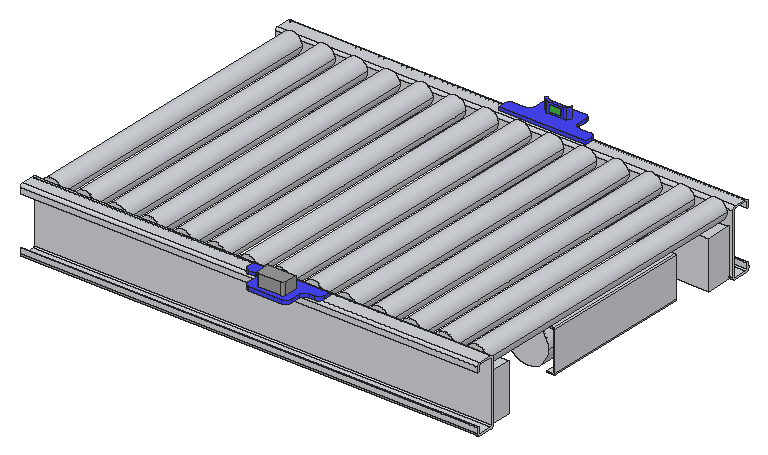
Revit family "C380_EXIT", category Specialty Equipment, Revit 2025
Family settings
  Round Connector Dimension = Use Diameter
  Part Type = Normal
  Work Plane-Based = No
  Enable Cutting in Views = No
  Always vertical = Yes
  Cut with Voids When Loaded = No
  Maintain Annotation Orientation = No
  Shared = No
  Room Calculation Point = No
Parameters (values of type "C351- 30"")
  Weight [instance] = 0
  Version = ""
  Subsystem [instance] = ""
  Special_Part_Number [instance] = ""
  Special_Description [instance] = ""
  Special_Bed [instance] = no
  Segment [instance] = ""
  SIO_Block_Number [instance] = ""
  SENSOR_ARRY [instance] = CLR_ZONES + CLR_SENSOR_SKEW  # 4' - 6"
  PHOTO_EYE_ARRAY [instance] = CLR_ZONES + CLR_PhotoEye_SP  # 4' - 6"
  Material_Number [instance] = ""
  MCP [instance] = ""
  Lookup Table Name [instance] = "PHOTO_EYE"
  Load_Envelope_Height [instance] = 1' - 0"
  Load_Envelope [instance] = no
  IO_Block_Number [instance] = ""
  Field_Cut [instance] = no
  Estop_Zone [instance] = ""
  Error_State [instance] = no
  Default Elevation = 0' - 0"
  Conveyor_Number [instance] = "100"
  Conveyor_Elevation_Out [instance] = Conveyor_Elevation_In  # 2' - 7 51/256"
  Conveyor_Elevation_In [instance] = 2' - 7 51/256"
  CLR_ZONE_CONTROL = "N"
  CLR_ZONES [instance] = 3' - 0"
  CLR_VFD = no
  CLR_TE_POSITION = "N"
  CLR_TAKE_UP_SPRING_QUANTITY = 0
  CLR_TAKE_UP = "N"
  CLR_SUBCLASS = ""
  CLR_SPRING_COVER [instance] = no
  CLR_SPEED_FPM = 0
  CLR_SLAVE_RATIO = "N"
  CLR_SENSOR_SKEW [instance] = size_lookup(Lookup Table Name, "CSS", CLR_PhotoEye_SP, CLR_NOMINAL_WIDTH, CLR_ZONES, CLR_SENSOR_ANGLE)  # 1' - 6"
  CLR_SENSOR_MOUNT [instance] = "Side"
  CLR_SENSOR_HAND [instance] = "Left"
  CLR_SENSOR_ANGLE [instance] = 9.00°
  CLR_ROLLER_NUM [instance] = CLR_BED_LENGTH / CLR_ROLLER_CENTER  # 14
  CLR_ROLLER_CENTER [instance] = 0' - 3"
  CLR_PhotoEye_SP [instance] = if(CLR_ZONES = 3' 0", 1' 6", if(CLR_ZONES = 2' 0", 1' 2", 1' 2"))  # 1' - 6"
  CLR_PULLEY_TYPE = "N"
  CLR_POPOUT_CARRYING_ROLLERS [instance] = no
  CLR_NOMINAL_WIDTH + 1" [instance] = CLR_NOMINAL_WIDTH + 0' 1"  # 2' - 7"
  CLR_NOMINAL_WIDTH  -2.5" [instance] = CLR_NOMINAL_WIDTH - 0' 2 1/2"  # 2' - 3 1/2"
  CLR_NOMINAL_WIDTH = 2' - 6"
  CLR_MOTOR_VOLTAGE = "N"
  CLR_MOTOR_TYPE = "N"
  CLR_MOTOR_HP = 0
  CLR_MODULE = ""
  CLR_LIFTER_ROLLER_CENTER [instance] = 0' - 6"
  CLR_FINGER_GUARD [instance] = no
  CLR_DRIVE_TRAIN_TYPE = "N"
  CLR_DRIVE_SIZE = 0
  CLR_CONTROL_VOLTAGE = "N"
  CLR_CONTROL_DEVICE = "N"
  CLR_CONNECTION_KIT = "N"
  CLR_CARRYING_ROLLER [instance] = "Standard\r\nStandard\r\nStandard"
  CLR_BOTTOM_COVERS [instance] = no
  CLR_BED_LENGTH [instance] = Bed_Length  # 3' - 6"
  CLR_ASSEMBLY_HAND = "N"
  CLR_AIR_BRAKE = 0
  Belting [instance] = 0' - 8"
  Bed_Length [instance] = if(CLR_ZONES = 3' 0", 3' 6", if(CLR_ZONES = 2' 0", 2' 6", 3' 6"))  # 3' - 6"
  BREAK_ENTRY_LEN [instance] = if(CLR_ZONES = 3' 0", 1' 11 225/256", if(CLR_ZONES = 2' 0", 0' 11 223/256", 1' 11 225/256"))  # 1' - 11 225/256"
  BOTTOM_COVERS_LENGTH [instance] = Bed_Length  # 3' - 6"
  Asset ID [instance] = ""
  Air_Consumption [instance] = 0
Types (6): name | SENSOR_ARRY | PHOTO_EYE_ARRAY | Lookup Table Name | Load_Envelope_Height | Conveyor_Elevation_Out | Conveyor_Elevation_In | CLR_ZONES | CLR_SENSOR_SKEW | CLR_ROLLER_NUM | CLR_PhotoEye_SP | CLR_NOMINAL_WIDTH + 1" | CLR_NOMINAL_WIDTH  -2.5" | CLR_NOMINAL_WIDTH | CLR_BED_LENGTH | Bed_Length | BREAK_ENTRY_LEN | BOTTOM_COVERS_LENGTH
  (no name) | 4' - 6" | 4' - 6" | "PHOTO_EYE" | 1' - 0" | 2' - 7 51/256" | 2' - 7 51/256" | 3' - 0" | 1' - 6" | 14 | 1' - 6" | 2' - 7" | 2' - 3 1/2" | 2' - 6" | 3' - 6" | 3' - 6" | 1' - 11 225/256" | 3' - 6"
  C351- 18" | 3' - 6" | 3' - 2" | "PHOTO_EYE - C380" | 1' - 0" | 2' - 6" | 2' - 6" | 2' - 0" | 1' - 6" | 10 | 1' - 2" | 1' - 7" | 1' - 3 1/2" | 1' - 6" | 2' - 6" | 2' - 6" | 0' - 11 223/256" | 2' - 6"
  C351- 24" | 4' - 4" | 4' - 6" | "PHOTO_EYE" | 1' - 0" | 2' - 6" | 2' - 6" | 3' - 0" | 1' - 4" | 14 | 1' - 6" | 2' - 1" | 1' - 9 1/2" | 2' - 0" | 3' - 6" | 3' - 6" | 1' - 11 225/256" | 3' - 6"
  C351- 30" | 4' - 6" | 4' - 6" | "PHOTO_EYE" | 1' - 0" | 2' - 7 51/256" | 2' - 7 51/256" | 3' - 0" | 1' - 6" | 14 | 1' - 6" | 2' - 7" | 2' - 3 1/2" | 2' - 6" | 3' - 6" | 3' - 6" | 1' - 11 225/256" | 3' - 6"
  C351- 36" | 3' - 2" | 3' - 2" | "PHOTO_EYE" | 0' - 11.55696" | 2' - 6.44304" | 2' - 6.44304" | 2' - 0" | 1' - 2" | 10 | 1' - 2" | 3' - 1" | 2' - 9 1/2" | 3' - 0" | 2' - 6" | 2' - 6" | 0' - 11 223/256" | 2' - 6"
  C351- 42" | 4' - 8" | 4' - 6" | "PHOTO_EYE" | 1' - 0" | 2' - 7 51/256" | 2' - 7 51/256" | 3' - 0" | 1' - 8" | 14 | 1' - 6" | 3' - 7" | 3' - 3 1/2" | 3' - 6" | 3' - 6" | 3' - 6" | 1' - 11 225/256" | 3' - 6"
Reference planes (in)
  plane 1 "Centerline": y = 0
  plane 2: z = 0
  plane 3 "Entry_End": x = 0
  plane 4 "Top_of_Roller": z = 31.19922
  plane 5 "Top_of_SideFrame": z = 30.90922
  plane 6 "Bot_of_SideFrame": z = 24.90922
  plane 7 "LH_Out": y = 15.5
  plane 8 "RH_Out": y = -15.5
  plane 9 "RH_In": y = -13.75
  plane 10 "LH_In": y = 13.75
  plane 11 "Exit_End": x = 42
  plane 12 "PhotoEye_SP": x = 24
  plane 13 "Sensor_Skew": x = 24
  plane 14: x = 60.81944
  plane 15: y = -38.13976
  plane 16: z = 31.19922
  plane 17: z = 43.19922
  plane 18: y = -13.75
  plane 19: y = 13.75
  plane 20: x = 35.75
  plane 21: x = 24.25
  plane 22: y = 13
  plane 23: x = 23.75
  plane 24: x = 12.25
  plane 25: y = 13
  plane 26: y = 12.25
  plane 27: y = 12.25
  plane 28 "BREAK": z = 29.00422
  plane 29: x = 24
  plane 30: x = 31.33658
  plane 31: x = 19.83658
  plane 32: y = 25.5
  plane 33: x = 19.33658
  plane 34: x = 7.83658
  plane 35: y = 25.5
  plane 36: y = 24.75
  plane 37: y = 24.75
  plane 38: x = 19.58658
  plane 39: x = 19.58658
  plane 40: x = 7.83658
  plane 41: y = 13
  plane 42: y = 25.5
  plane 43: y = 5.44
  plane 44: y = -5.44
Forms (in)
  Extrusion 1, solid, detail levels coarse+medium
    sketch origin (0, 0, 0) x (0, 1, 0) y (0, 0, 1)
      loop
        line (15.5, 30.90922) -> (-15.5, 30.90922) -> (-15.5, 24.90922) -> (15.5, 24.90922) -> (15.5, 30.90922)
    from 0 to 42
  Extrusion 2, solid, material "Load Envelope", visible <- "Load_Envelope"
    sketch origin (0, 0, 0) x (0, 1, 0) y (0, 0, 1)
      loop
        line (13.75, 43.19922) -> (-13.75, 43.19922) -> (-13.75, 31.19922) -> (13.75, 31.19922) -> (13.75, 43.19922)
    from 0 to 42
  Extrusion 3, solid, material "BREAK"
    sketch origin (-80.75, -26.40488, 23.52667) x (0, 1, 0) y (-1, 0, 0)
      loop
        line (39.40488, -116.5) -> (39.40488, -105) -> (39.15488, -105) -> (39.15488, -104.5) -> (39.40488, -104.5) -> (39.40488, -93) -> (38.65488, -93) -> (38.65488, -104.5) -> (38.90488, -104.5) -> (38.90488, -105) -> (38.65488, -105) -> (38.65488, -116.5) -> (39.40488, -116.5)
    from 2.81755 to 5.47755
  Extrusion 4, solid, material "BREAK", not visible
    sketch origin (-85.16342, -13.90488, 22.77048) x (0, 1, 0) y (-1, 0, 0)
      loop
        line (39.40488, -116.5) -> (39.40488, -105) -> (39.15488, -105) -> (39.15488, -104.5) -> (39.40488, -104.5) -> (39.40488, -93) -> (38.65488, -93) -> (38.65488, -104.5) -> (38.90488, -104.5) -> (38.90488, -105) -> (38.65488, -105) -> (38.65488, -116.5) -> (39.40488, -116.5)
    from 2.81755 to 5.47755
  Extrusion 5, solid, detail levels fine
    sketch origin (29.07374, -6.93, 0) x (-1, 0, 0) y (0, 0, 1)
      loop
        circle (-9.42626, 27.12922) r 1.94
    from 1.49 to 15.37
  Extrusion 6, solid, detail levels fine
    sketch origin (30, -5.44, 0) x (1, 0, 0) y (0, 0, 1)
      loop
        line (11.62, 29.23922) -> (6, 29.23922) -> (6, 24.90922) -> (11.62, 24.90922) -> (11.62, 29.23922)
    from 6 to 8.31
  Extrusion 7, solid, detail levels fine
    sketch origin (30, 13.75, 0) x (1, 0, 0) y (0, 0, 1)
      loop
        line (11.62, 29.23922) -> (6, 29.23922) -> (6, 24.90922) -> (11.62, 24.90922) -> (11.62, 29.23922)
    from 0 to 2.31
  Extrusion 8, solid, detail levels fine
    sketch origin (30.1444, 3, 0) x (-1, 0, 0) y (0, 0, 1)
      loop
        arc (-10.8556, 25.31422) -> (-10.81898, 25.22583) -> (-10.7306, 25.18922) r 0.125
        line (-10.7306, 25.18922) -> (-10.1056, 25.18922) -> (-10.1056, 25.26734) -> (-10.7131, 25.26734)
        arc (-10.7131, 25.26734) -> (-10.75729, 25.28565) -> (-10.7756, 25.32984) r 0.0625
        line (-10.7756, 25.32984) -> (-10.7756, 28.92859)
        arc (-10.7756, 28.92859) -> (-10.75729, 28.97279) -> (-10.7131, 28.99109) r 0.0625
        line (-10.7131, 28.99109) -> (-10.1056, 28.99109) -> (-10.1056, 29.06922) -> (-10.7306, 29.06922)
        arc (-10.7306, 29.06922) -> (-10.81898, 29.03261) -> (-10.8556, 28.94422) r 0.125
        line (-10.8556, 28.94422) -> (-10.8556, 25.31422)
    from -8.44 to 5.44
Lines and regions (in)
  model lines, style "Belt"
    curve 1: line (0, 4, 31.19922) -> (42, 4, 31.19922)
    curve 2: line (0, -4, 31.19922) -> (0, 4, 31.19922)
    curve 3: line (42, -4, 31.19922) -> (0, -4, 31.19922)
    curve 4: line (42, 4, 31.19922) -> (42, -4, 31.19922)
  model lines, style "Centerline"
    curve 5: line (0, 0, 31.19922) -> (42, 0, 31.19922)
  model lines, style "Flow Arrow", not visible
    curve 6: line (108.81944, -38.13976, 30) -> (132.81944, -38.13976, 30)
    curve 7: line (132.81944, -38.13976, 30) -> (122.42713, -32.13976, 30)
    curve 8: line (132.81944, -38.13976, 30) -> (122.42713, -44.13976, 30)
Dimensions and locks (in)
  equal spacing: plane 10 "LH_In", plane 1 "Centerline", plane 9 "RH_In"
  "CLR_NOMINAL_WIDTH  -2.5"": plane 10 "LH_In" to plane 9 "RH_In"
  equal spacing: plane 7 "LH_Out", plane 1 "Centerline", plane 8 "RH_Out"
  "CLR_NOMINAL_WIDTH + 1"": plane 7 "LH_Out" to plane 8 "RH_Out"
  "Conveyor_Elevation_In": plane 4 "Top_of_Roller" to level
  locked: plane 4 "Top_of_Roller" to plane 5 "Top_of_SideFrame" at 0.29
  locked: plane 5 "Top_of_SideFrame" to plane 6 "Bot_of_SideFrame" at 6
  locked: nested 1 to plane 6 "Bot_of_SideFrame"
  locked: nested 1 to plane 10 "LH_In"
  locked: plane 6 "Bot_of_SideFrame" to nested 2
  locked: plane 9 "RH_In" to nested 2
  locked: plane 3 "Entry_End" to nested 3 at 1.5
  locked: plane 4 "Top_of_Roller" to nested 3
  equal spacing: group 1, group 2, group 3, group 4, group 5, group 6, group 7, group 8, group 12, group 13, group 17, group 18, group 19, group 20  (x3)
  locked: plane 3 "Entry_End" to nested 4 at 4.5
  "CLR_BED_LENGTH": plane 3 "Entry_End" to plane 11 "Exit_End"
  "CLR_PhotoEye_SP": plane 11 "Exit_End" to plane 12 "PhotoEye_SP"
  "CLR_SENSOR_SKEW": plane 11 "Exit_End" to plane 13 "Sensor_Skew"
  locked: plane 5 "Top_of_SideFrame" to nested 11
  locked: plane 8 "RH_Out" to nested 12
  locked: plane 5 "Top_of_SideFrame" to nested 12
  equal spacing: curve 3, plane 1 "Centerline", curve 1
  "Belting": curve 3 to curve 1
  equal spacing: plane 19, plane 1 "Centerline", plane 18
  "CLR_NOMINAL_WIDTH  -2.5"": plane 19 to plane 18
  "Load_Envelope_Height": plane 17 to plane 16
  locked: plane 3 "Entry_End" to nested 15
  locked: plane 27 to plane 22 at 0.75
  locked: plane 26 to plane 25 at 0.75
  plane 23 to plane 21 = 0' - 0 1/2"
  locked: plane 24 to plane 23 at 11.5
  locked: plane 21 to plane 20 at 11.5
  locked: plane 28 "BREAK" to plane 4 "Top_of_Roller" at 2.195
  Extrusion 3 to Extrusion 3 = 0' - 2.66"
  locked: plane 29 to Extrusion 3 sketch curve at 0.25
  locked: Extrusion 3 sketch curve to plane 29 at 0.25
  locked: plane 37 to plane 32 at 0.75
  locked: plane 36 to plane 35 at 0.75
  plane 33 to plane 31 = 0' - 0 1/2"
  locked: plane 34 to plane 33 at 11.5
  locked: plane 31 to plane 30 at 11.5
  locked: plane 38 to Extrusion 4 sketch curve at 0.25
  locked: Extrusion 4 sketch curve to plane 38 at 0.25
  locked: plane 41 to plane 10 "LH_In" at 0.75
  locked: plane 41 to Extrusion 3
  locked: Extrusion 6 sketch curve to Extrusion 6 sketch curve at 5.62
  locked: Extrusion 7 sketch curve to Extrusion 7 sketch curve at 5.62
  locked: Extrusion 8 sketch curve to Extrusion 8 sketch curve at 0.08
  locked: Extrusion 7 to plane 10 "LH_In"
  equal spacing: plane 43, plane 1 "Centerline", plane 44
  locked: Extrusion 7 to Extrusion 7 at 2.31
  plane 43 to Extrusion 7 = 0' - 6"
  Extrusion 8 to plane 43 = 0' - 3"
  locked: plane 44 to Extrusion 5
  locked: plane 44 to Extrusion 8
  locked: Extrusion 6 to Extrusion 6 at 2.31
  locked: Extrusion 6 to plane 9 "RH_In"
  locked: plane 11 "Exit_End" to Extrusion 6 at 0.38
  locked: plane 11 "Exit_End" to Extrusion 7 at 0.38
  locked: plane 11 "Exit_End" to Extrusion 5 sketch curve at 3.5
  locked: Extrusion 5 sketch curve to plane 6 "Bot_of_SideFrame" at 2.22
  locked: plane 11 "Exit_End" to Extrusion 8 at 1
  locked: plane 28 "BREAK" to Extrusion 3
  locked: Extrusion 3 to plane 11 "Exit_End" at 6.25
  aligned and locked: level to plane 2
  aligned and locked: plane 3 "Entry_End" to nested 1
  aligned and locked: plane 3 "Entry_End" to nested 2
  aligned and locked: plane 1 "Centerline" to nested 3
  aligned and locked: nested 11 to plane 13 "Sensor_Skew"
  aligned and locked: plane 7 "LH_Out" to nested 11
  aligned and locked: plane 12 "PhotoEye_SP" to nested 12
  aligned and locked: plane 3 "Entry_End" to curve 2
  aligned and locked: curve 4 to plane 11 "Exit_End"
  aligned and locked: Extrusion 1 to plane 7 "LH_Out"
  aligned and locked: plane 5 "Top_of_SideFrame" to Extrusion 1
  aligned and locked: Extrusion 1 to plane 6 "Bot_of_SideFrame"
  aligned and locked: plane 11 "Exit_End" to Extrusion 1
  aligned and locked: plane 4 "Top_of_Roller" to plane 16
  aligned and locked: plane 17 to Extrusion 2 sketch curve
  aligned and locked: Extrusion 2 sketch curve to plane 10 "LH_In"
  aligned and locked: Extrusion 2 sketch curve to nested 3  (x2)
  aligned and locked: plane 11 "Exit_End" to Extrusion 2
  aligned and locked: nested 15 to plane 6 "Bot_of_SideFrame"
  aligned and locked: plane 1 "Centerline" to nested 15
  aligned and locked: Extrusion 3 sketch curve to plane 22
  aligned and locked: Extrusion 3 sketch curve to plane 20
  aligned and locked: Extrusion 3 sketch curve to plane 27
  aligned and locked: Extrusion 3 sketch curve to plane 26
  aligned and locked: Extrusion 3 sketch curve to plane 24
  aligned and locked: Extrusion 4 sketch curve to plane 32
  aligned and locked: Extrusion 4 sketch curve to plane 30
  aligned and locked: Extrusion 4 sketch curve to plane 37
  aligned and locked: Extrusion 4 sketch curve to plane 36
  aligned and locked: Extrusion 4 sketch curve to plane 35
  aligned and locked: Extrusion 4 sketch curve to plane 34
  aligned and locked: plane 4 "Top_of_Roller" to nested 14
  aligned and locked: plane 44 to Extrusion 5
Automatic sketch dimensions
  plane 9 "RH_In" to Extrusion 1 sketch curve = 0' - 1 3/4"
  Extrusion 1 sketch curve to plane 10 "LH_In" = 0' - 1 3/4"
  Extrusion 1 sketch curve to plane 6 "Bot_of_SideFrame" = 0' - 0"
  plane 6 "Bot_of_SideFrame" to Extrusion 1 sketch curve = 0' - 6"
  plane 1 "Centerline" to curve 5 = 0' - 0"
  Extrusion 3 sketch curve to plane 21 = 0' - 0"
  Extrusion 3 sketch curve to plane 23 = 0' - 0"
  Extrusion 3 sketch curve to Extrusion 3 sketch curve = 0' - 0 1/4"
  plane 22 to Extrusion 3 sketch curve = 0' - 0 1/4"
  Extrusion 4 sketch curve to plane 31 = 0' - 0"
  Extrusion 4 sketch curve to plane 33 = 0' - 0"
  Extrusion 4 sketch curve to Extrusion 4 sketch curve = 0' - 0 1/4"
  plane 32 to Extrusion 4 sketch curve = 0' - 0 1/4"
  Extrusion 3 sketch curve to plane 22 = 0' - 0"
  Extrusion 6 sketch curve to plane 6 "Bot_of_SideFrame" = 0' - 0"
  plane 28 "BREAK" to Extrusion 6 sketch curve = 0' - 0.235"
  Extrusion 6 sketch curve to plane 11 "Exit_End" = 0' - 6"
  Extrusion 7 sketch curve to plane 6 "Bot_of_SideFrame" = 0' - 0"
  plane 28 "BREAK" to Extrusion 7 sketch curve = 0' - 0.235"
  Extrusion 7 sketch curve to plane 11 "Exit_End" = 0' - 6"
  plane 6 "Bot_of_SideFrame" to Extrusion 8 sketch curve = 0' - 0.405"
  Extrusion 8 sketch curve to plane 11 "Exit_End" = 0' - 1"
  Extrusion 8 sketch curve to Extrusion 8 sketch curve = 0' - 0.045"  (x2)
  plane 28 "BREAK" to Extrusion 8 sketch curve = 0' - 0.065"
  Extrusion 8 sketch curve to Extrusion 8 sketch curve = 0' - 0.0175"  (x2)
  Extrusion 8 sketch curve to Extrusion 8 sketch curve = 0' - 0.6075"  (x2)
  Extrusion 8 sketch curve to Extrusion 8 sketch curve = 0' - 0 5/64"
  Extrusion 8 sketch curve to Extrusion 8 sketch curve = 0' - 0 1/64"
  radius of Extrusion 5 sketch curve = 0' - 1.94"
Nested families (in)
  nested 1: "SW0024A" at (21, 14.625, 0.90922) x (0, -1, 0) z (0, 0, 1), Bed_Length <- "CLR_BED_LENGTH", type "SW0024A", detail levels fine
    with Conveyor_Elevation_In 2' - 6", Bed_Length 3' - 6"
  nested 2: "SW0023A" at (21, -14.625, 0.90922) x (0, -1, 0) z (0, 0, 1), Bed_Length <- "CLR_BED_LENGTH", type "SW0023A", detail levels fine
    with Conveyor_Elevation_In 2' - 6", Bed_Length 3' - 6"
  nested 3: "SW0289" at (1.5, 0, 1.19922), B <- "CLR_NOMINAL_WIDTH  -2.5"", type "SW0289", detail levels fine
    with Conveyor_Elevation_In 2' - 6", B 2' - 3 1/2"
  nested 4: "SW0289" at (4.5, 0, 1.19922), B <- "CLR_NOMINAL_WIDTH  -2.5"", type "SW0289", detail levels fine
    with Conveyor_Elevation_In 2' - 6", B 2' - 3 1/2"
  nested 5: "SW0289" at (7.5, 0, 1.19922), B <- "CLR_NOMINAL_WIDTH  -2.5"", type "SW0289", detail levels fine
    with Conveyor_Elevation_In 2' - 6", B 2' - 3 1/2"
  nested 6: "SW0289" at (10.5, 0, 1.19922), B <- "CLR_NOMINAL_WIDTH  -2.5"", type "SW0289", detail levels fine
    with Conveyor_Elevation_In 2' - 6", B 2' - 3 1/2"
  nested 7: "SW0289" at (13.5, 0, 1.19922), B <- "CLR_NOMINAL_WIDTH  -2.5"", type "SW0289", detail levels fine
    with Conveyor_Elevation_In 2' - 6", B 2' - 3 1/2"
  nested 8: "SW0289" at (16.5, 0, 1.19922), B <- "CLR_NOMINAL_WIDTH  -2.5"", type "SW0289", detail levels fine
    with Conveyor_Elevation_In 2' - 6", B 2' - 3 1/2"
  nested 9: "SW0289" at (19.5, 0, 1.19922), B <- "CLR_NOMINAL_WIDTH  -2.5"", type "SW0289", detail levels fine
    with Conveyor_Elevation_In 2' - 6", B 2' - 3 1/2"
  nested 10: "SW0289" at (22.5, 0, 1.19922), B <- "CLR_NOMINAL_WIDTH  -2.5"", type "SW0289", detail levels fine
    with Conveyor_Elevation_In 2' - 6", B 2' - 3 1/2"
  nested 11: "SW0014" at (24, 15.5, 1.19828), type "SW0014"
  nested 12: "SW0037-01" at (24, -15.5, 1.19828), type "SW0037-01"
    with Conveyor_Elevation_In 2' - 5 91/128"
  nested 13: "SW0289" at (25.5, 0, 1.19922), B <- "CLR_NOMINAL_WIDTH  -2.5"", type "SW0289", detail levels fine
    with Conveyor_Elevation_In 2' - 6", B 2' - 3 1/2"
  nested 14: "SW0289" at (28.5, 0, 1.19922), B <- "CLR_NOMINAL_WIDTH  -2.5"", type "SW0289", detail levels fine
    with Conveyor_Elevation_In 2' - 6", B 2' - 3 1/2"
  nested 15: "SW0046" at (21, 0, 1.19922), CLR_NOMINAL_WIDTH <- "CLR_NOMINAL_WIDTH  -2.5"", bottom cover length <- "BOTTOM_COVERS_LENGTH", visible <- "CLR_BOTTOM_COVERS", type "SW0046", detail levels fine
    with bottom cover length 42.000", Nominal wedith 27.268", CLR_NOMINAL_WIDTH 2' - 3 1/2"
  nested 16: "SW0289" at (31.5, 0, 1.19922), B <- "CLR_NOMINAL_WIDTH  -2.5"", type "SW0289", detail levels fine
    with Conveyor_Elevation_In 2' - 6", B 2' - 3 1/2"
  nested 17: "SW0289" at (34.5, 0, 1.19922), B <- "CLR_NOMINAL_WIDTH  -2.5"", type "SW0289", detail levels fine
    with Conveyor_Elevation_In 2' - 6", B 2' - 3 1/2"
  nested 18: "SW0289" at (37.5, 0, 1.19922), B <- "CLR_NOMINAL_WIDTH  -2.5"", type "SW0289", detail levels fine
    with Conveyor_Elevation_In 2' - 6", B 2' - 3 1/2"
  nested 19: "SW0289" at (40.5, 0, 1.19922), B <- "CLR_NOMINAL_WIDTH  -2.5"", type "SW0289", detail levels fine
    with Conveyor_Elevation_In 2' - 6", B 2' - 3 1/2"
Connectors (in)
  cabletrayconduit at (42, 0, 27.90922), diameter 6
    settings: on Extrusion 1, index 1, connector width 1' - 0", connector height 1' - 0", connector angle 0.00°, system type 32, placement type 0, profile type 0, connector reference index -1, is primary connector yes, connector utility param no, connector description ""
  cabletrayconduit at (0, 0, 27.90922), diameter 6
    settings: on Extrusion 1, index 2, connector width 1' - 0", connector height 1' - 0", connector angle 0.00°, system type 32, placement type 0, profile type 0, connector reference index -1, is primary connector no, connector utility param no, connector description ""
Definition of nested family "SW0024A"
  Parameters (values of type "SW0024A")
    Description = "SW0001A - 6.00 X 1.75 X \"A\" LG"
    Default Elevation = 0' - 0"
    Conveyor_Elevation_In [instance] = 2' - 6"
    Bed_Length [instance] = 12' - 0"
  Reference planes (in)
    plane 1 "Center (Front/Back)": y = 0
    plane 2: z = 0
    plane 3 "Centerline": x = 0
    plane 4 "Bot_of_SideFrame": z = 24
    plane 5 "Top_of_SideFrame": z = 30
    plane 6 "LH_Out": x = 0.875
    plane 7 "LH_In": x = -0.875
    plane 8 "Entry_End": y = -72
    plane 9 "Exit_End": y = 72
  Forms (in)
    Extrusion 1, solid
      sketch origin (0, 0, 0) x (1, 0, 0) y (0, 0, 1)
        loop
          arc (-0.615, 30) -> (-0.79885, 29.92385) -> (-0.875, 29.74) r 0.26
          line (-0.875, 29.74) -> (-0.875, 29.25) -> (-0.74609, 29.25) -> (-0.74609, 29.75109)
          arc (-0.74609, 29.75109) -> (-0.71095, 29.83595) -> (-0.62609, 29.87109) r 0.12
          line (-0.62609, 29.87109) -> (0.62609, 29.87109)
          arc (0.62609, 29.87109) -> (0.71095, 29.83595) -> (0.74609, 29.75109) r 0.12
          line (0.74609, 29.75109) -> (0.74609, 24.24891)
          arc (0.74609, 24.24891) -> (0.71095, 24.16405) -> (0.62609, 24.12891) r 0.12
          line (0.62609, 24.12891) -> (-0.62609, 24.12891)
          arc (-0.62609, 24.12891) -> (-0.71095, 24.16405) -> (-0.74609, 24.24891) r 0.12
          line (-0.74609, 24.24891) -> (-0.74609, 24.75) -> (-0.875, 24.75) -> (-0.875, 24.26)
          arc (-0.875, 24.26) -> (-0.79885, 24.07615) -> (-0.615, 24) r 0.26
          line (-0.615, 24) -> (0.615, 24)
          arc (0.615, 24) -> (0.79885, 24.07615) -> (0.875, 24.26) r 0.26
          line (0.875, 24.26) -> (0.875, 29.74)
          arc (0.875, 29.74) -> (0.79885, 29.92385) -> (0.615, 30) r 0.26
          line (0.615, 30) -> (-0.615, 30)
      from -72 to 72
  Dimensions and locks (in)
    "Conveyor_Elevation_In": plane 5 "Top_of_SideFrame" to level
    locked: plane 5 "Top_of_SideFrame" to plane 4 "Bot_of_SideFrame" at 6
    equal spacing: plane 6 "LH_Out", plane 3 "Centerline", plane 7 "LH_In"
    plane 6 "LH_Out" to plane 7 "LH_In" = 0' - 1 3/4"
    plane 6 "LH_Out" to plane 3 "Centerline" = 0' - 0 7/8"
    equal spacing: plane 9 "Exit_End", plane 1 "Center (Front/Back)", plane 8 "Entry_End"
    "Bed_Length": plane 9 "Exit_End" to plane 8 "Entry_End"
    aligned and locked: plane 2 to level
    aligned and locked: Extrusion 1 sketch curve to plane 5 "Top_of_SideFrame"
    aligned and locked: plane 7 "LH_In" to Extrusion 1 sketch curve
    aligned and locked: plane 4 "Bot_of_SideFrame" to Extrusion 1 sketch curve
    aligned and locked: plane 6 "LH_Out" to Extrusion 1 sketch curve
    aligned and locked: Extrusion 1 to plane 8 "Entry_End"
    aligned and locked: plane 9 "Exit_End" to Extrusion 1
  Automatic sketch dimensions
    Extrusion 1 sketch curve to plane 7 "LH_In" = 0' - 0"
    Extrusion 1 sketch curve to Extrusion 1 sketch curve = 0' - 0 33/256"  (x2)
    Extrusion 1 sketch curve to Extrusion 1 sketch curve = 0' - 0.12"  (x3)
    Extrusion 1 sketch curve to Extrusion 1 sketch curve = 0' - 0.01109"  (x5)
    Extrusion 1 sketch curve to plane 5 "Top_of_SideFrame" = 0' - 0.26"
    plane 6 "LH_Out" to Extrusion 1 sketch curve = 0' - 0.26"
    plane 4 "Bot_of_SideFrame" to Extrusion 1 sketch curve = 0' - 0 33/256"
    Extrusion 1 sketch curve to Extrusion 1 sketch curve = 0' - 0.49"  (x2)
Definition of nested family "SW0023A"
  Parameters (values of type "SW0023A")
    Description = "SW0001A - 6.00 X 1.75 X \"A\" LG"
    Default Elevation = 0' - 0"
    Conveyor_Elevation_In [instance] = 2' - 6"
    Bed_Length [instance] = 12' - 0"
  Reference planes (in)
    plane 1 "Center (Front/Back)": y = 0
    plane 2: z = 0
    plane 3 "CenterLine": x = 0
    plane 4 "Bot_of_SideFrame": z = 24
    plane 5 "Top_of_SideFrame": z = 30
    plane 6 "RH_OUT": x = 0.875
    plane 7 "RH_IN": x = -0.875
    plane 8 "Entry_End": y = -72
    plane 9 "Exit_End": y = 72
  Forms (in)
    Extrusion 1, solid
      sketch origin (0, 0, 0) x (1, 0, 0) y (0, 0, 1)
        loop
          arc (-0.615, 30) -> (-0.79885, 29.92385) -> (-0.875, 29.74) r 0.26
          line (-0.875, 29.74) -> (-0.875, 24.26)
          arc (-0.875, 24.26) -> (-0.79885, 24.07615) -> (-0.615, 24) r 0.26
          line (-0.615, 24) -> (0.615, 24)
          arc (0.615, 24) -> (0.79885, 24.07615) -> (0.875, 24.26) r 0.26
          line (0.875, 24.26) -> (0.875, 24.75) -> (0.74219, 24.75) -> (0.74219, 24.25281)
          arc (0.74219, 24.25281) -> (0.70704, 24.16796) -> (0.62219, 24.13281) r 0.12
          line (0.62219, 24.13281) -> (-0.62219, 24.13281)
          arc (-0.62219, 24.13281) -> (-0.70704, 24.16796) -> (-0.74219, 24.25281) r 0.12
          line (-0.74219, 24.25281) -> (-0.74219, 29.74719)
          arc (-0.74219, 29.74719) -> (-0.70704, 29.83204) -> (-0.62219, 29.86719) r 0.12
          line (-0.62219, 29.86719) -> (0.62219, 29.86719)
          arc (0.62219, 29.86719) -> (0.70704, 29.83204) -> (0.74219, 29.74719) r 0.12
          line (0.74219, 29.74719) -> (0.74219, 29.25) -> (0.875, 29.25) -> (0.875, 29.74)
          arc (0.875, 29.74) -> (0.79885, 29.92385) -> (0.615, 30) r 0.26
          line (0.615, 30) -> (-0.615, 30)
      from -72 to 72
  Dimensions and locks (in)
    equal spacing: plane 6 "RH_OUT", plane 3 "CenterLine", plane 7 "RH_IN", locked at 0.875 each
    "Conveyor_Elevation_In": plane 5 "Top_of_SideFrame" to level
    locked: plane 5 "Top_of_SideFrame" to plane 4 "Bot_of_SideFrame" at 6
    plane 6 "RH_OUT" to plane 7 "RH_IN" = 0' - 1 3/4"
    equal spacing: plane 9 "Exit_End", plane 1 "Center (Front/Back)", plane 8 "Entry_End"
    "Bed_Length": plane 9 "Exit_End" to plane 8 "Entry_End"
    aligned and locked: plane 2 to level
    aligned and locked: Extrusion 1 to plane 8 "Entry_End"
    aligned and locked: plane 9 "Exit_End" to Extrusion 1
  Automatic sketch dimensions
    Extrusion 1 sketch curve to plane 7 "RH_IN" = 0' - 0"
    Extrusion 1 sketch curve to plane 4 "Bot_of_SideFrame" = 0' - 0"
    Extrusion 1 sketch curve to plane 5 "Top_of_SideFrame" = 0' - 0"
    Extrusion 1 sketch curve to plane 6 "RH_OUT" = 0' - 0"  (x2)
    Extrusion 1 sketch curve to Extrusion 1 sketch curve = 0' - 0.12"  (x3)
    Extrusion 1 sketch curve to Extrusion 1 sketch curve = 0' - 0.00719"  (x9)
    Extrusion 1 sketch curve to plane 6 "RH_OUT" = 0' - 0 17/128"
    Extrusion 1 sketch curve to Extrusion 1 sketch curve = 0' - 0.12719"
    Extrusion 1 sketch curve to Extrusion 1 sketch curve = 0' - 0.49719"
    Extrusion 1 sketch curve to Extrusion 1 sketch curve = 0' - 0.49"
    Extrusion 1 sketch curve to Extrusion 1 sketch curve = 0' - 0"
    plane 7 "RH_IN" to Extrusion 1 sketch curve = 0' - 0 17/128"
Definition of nested family "SW0289"
  Parameters (values of type "SW0289")
    Default Elevation = 0' - 0"
    Conveyor_Elevation_In [instance] = 2' - 6"
    B [instance] = 2' - 3 1/2"
  Reference planes (in)
    plane 1 "Center (Front/Back)": y = 0
    plane 2: z = 0
    plane 3 "Center (Left/Right)": x = 0
    plane 4 "Top_of_Roller": z = 30
    plane 5 "RH_In": y = -13.75
    plane 6 "LH_In": y = 13.75
    plane 7: z = 29.0625
  Forms (in)
    Extrusion 1, solid
      sketch origin (0, 0, 1.0625) x (1, 0, 0) y (0, 0, 1)
        loop
          circle (0, 28) r 0.9375
      from -13.75 to 13.75
  Dimensions and locks (in)
    "Conveyor_Elevation_In": plane 4 "Top_of_Roller" to level
    plane 4 "Top_of_Roller" to Extrusion 1 sketch curve = 0' - 0 15/16"
    equal spacing: plane 6 "LH_In", plane 1 "Center (Front/Back)", plane 5 "RH_In"
    "B": plane 6 "LH_In" to plane 5 "RH_In"
    locked: plane 4 "Top_of_Roller" to plane 7 at 0.9375
    diameter of Extrusion 1 sketch curve = 0' - 1 7/8"
    aligned and locked: level to plane 2
    aligned and locked: Extrusion 1 to plane 5 "RH_In"
    aligned and locked: plane 6 "LH_In" to Extrusion 1
    aligned and locked: plane 7 to Extrusion 1
  Automatic sketch dimensions
    Extrusion 1 sketch curve to plane 3 "Center (Left/Right)" = 0' - 0"
Definition of nested family "SW0014"
  Parameters (values of type "SW0014")
    Default Elevation = 4' - 0"
    Conveyor_Elevation_In = 2' - 5 91/128"
  Reference planes (in)
    plane 1 "Center (Front/Back)": y = 0
    plane 2: z = 0
    plane 3 "Center (Left/Right)": x = 0
    plane 4: y = 1.88
    plane 5: x = 4
    plane 6: x = -4
    plane 7: y = -1.13
    plane 8: x = -1.25
    plane 9: x = 1.25
    plane 10: z = 30.47656
    plane 11 "Top_of_SideFrame": z = 29.71094
  Forms (in)
    Extrusion 1, solid
      sketch origin (0, 0, 0) x (1, 0, 0) y (0, 1, 0)
        loop
          line (-4, -1.13) -> (4, -1.13) -> (4, -0.5)
          arc (4, -0.5) -> (3.85355, -0.14645) -> (3.5, 0) r 0.5
          line (3.5, 0) -> (2.5, 0)
          arc (2.5, 0) -> (2.14645, 0.14645) -> (2, 0.5) r 0.5
          line (2, 0.5) -> (2, 1.38)
          arc (2, 1.38) -> (1.85355, 1.73355) -> (1.5, 1.88) r 0.5
          line (1.5, 1.88) -> (-1.5, 1.88)
          arc (-1.5, 1.88) -> (-1.85355, 1.73355) -> (-2, 1.38) r 0.5
          line (-2, 1.38) -> (-2, 0.5)
          arc (-2, 0.5) -> (-2.14645, 0.14645) -> (-2.5, 0) r 0.5
          line (-2.5, 0) -> (-3.5, 0)
          arc (-3.5, 0) -> (-3.85355, -0.14645) -> (-4, -0.5) r 0.5
          line (-4, -0.5) -> (-4, -1.13)
      from 29.71094 to 30
    Extrusion 2, solid
      sketch origin (0, 0, 30) x (1, 0, 0) y (0, 1, 0)
        loop
          line (-1.25, 0.75) -> (-0.96967, 0.46967)
          arc (-0.96967, 0.46967) -> (-0.88856, 0.41548) -> (-0.79289, 0.39645) r 0.25
          line (-0.79289, 0.39645) -> (0.79289, 0.39645)
          arc (0.79289, 0.39645) -> (0.88856, 0.41548) -> (0.96967, 0.46967) r 0.25
          line (0.96967, 0.46967) -> (1.25, 0.75) -> (1.11261, 0.88739) -> (0.88919, 0.66397)
          arc (0.88919, 0.66397) -> (0.80808, 0.60978) -> (0.71241, 0.59075) r 0.25
          line (0.71241, 0.59075) -> (-0.71241, 0.59075)
          arc (-0.71241, 0.59075) -> (-0.80808, 0.60978) -> (-0.88919, 0.66397) r 0.25
          line (-0.88919, 0.66397) -> (-1.11261, 0.88739) -> (-1.25, 0.75)
      from 0 to 0.94922
    Extrusion 3, solid
      sketch origin (0.89645, 0.39645, 29.47656) x (-1, 0, 0) y (0, 0, -1)
        loop
          line (1.39645, -1.26562) -> (1.39645, -0.73437) -> (0.39645, -0.73437) -> (0.39645, -1.26562) -> (1.39645, -1.26562)
      from 0 to 0.06578
  Dimensions and locks (in)
    equal spacing: plane 6, plane 3 "Center (Left/Right)", plane 5
    equal spacing: Extrusion 1 sketch curve, plane 3 "Center (Left/Right)", Extrusion 1 sketch curve
    equal spacing: Extrusion 3 sketch curve, plane 3 "Center (Left/Right)", Extrusion 3 sketch curve
    equal spacing: Extrusion 3 sketch curve, plane 10, Extrusion 3 sketch curve
    Extrusion 3 sketch curve to Extrusion 3 sketch curve = 0' - 1"
    Extrusion 3 sketch curve to Extrusion 3 sketch curve = 0' - 0 17/32"
    Extrusion 1 sketch curve to Extrusion 1 sketch curve = 0' - 4"
    plane 1 "Center (Front/Back)" to plane 4 = 0' - 1.88"
    plane 6 to plane 5 = 0' - 8"
    plane 1 "Center (Front/Back)" to plane 7 = 0' - 1.13"
    "Conveyor_Elevation_In": plane 11 "Top_of_SideFrame" to level
    locked: Extrusion 1 to plane 11 "Top_of_SideFrame" at 0.28906
    locked: Extrusion 1 to Extrusion 3 at 0.5
    aligned and locked: plane 2 to level
    aligned and locked: Extrusion 1 sketch curve to plane 4
    aligned and locked: plane 5 to Extrusion 1 sketch curve
    aligned and locked: Extrusion 1 sketch curve to plane 7
    aligned and locked: plane 11 "Top_of_SideFrame" to Extrusion 1
  Automatic sketch dimensions
    Extrusion 1 sketch curve to plane 6 = 0' - 0"
    plane 1 "Center (Front/Back)" to Extrusion 1 sketch curve = 0' - 0"  (x2)
    Extrusion 1 sketch curve to Extrusion 1 sketch curve = 0' - 0 1/2"  (x4)
    Extrusion 1 sketch curve to plane 1 "Center (Front/Back)" = 0' - 0 1/2"
    Extrusion 1 sketch curve to plane 4 = 0' - 0 1/2"
    Extrusion 2 sketch curve to Extrusion 1 = 0' - 0 3/4"
    Extrusion 2 sketch curve to Extrusion 2 sketch curve = 0' - 0.13739"
    Extrusion 1 to Extrusion 2 sketch curve = 0' - 0.46967"  (x2)
    Extrusion 2 sketch curve to Extrusion 2 sketch curve = 0' - 0.28033"
    Extrusion 1 to Extrusion 2 sketch curve = 0' - 0.66397"  (x2)
    Extrusion 2 sketch curve to Extrusion 2 sketch curve = 0' - 0.08048"  (x3)
    Extrusion 2 sketch curve to Extrusion 2 sketch curve = 0' - 0.17678"  (x2)
    Extrusion 2 sketch curve to Extrusion 1 = 0' - 1.28759"
    Extrusion 2 sketch curve to Extrusion 2 sketch curve = 0' - 0.0963"
    Extrusion 2 sketch curve to Extrusion 2 sketch curve = 0' - 0.22342"
    Extrusion 1 to Extrusion 2 sketch curve = 0' - 0 3/4"
    Extrusion 2 sketch curve to Extrusion 2 sketch curve = 0' - 0.07322"
    Extrusion 2 sketch curve to Extrusion 2 sketch curve = 0' - 0.0557"
Definition of nested family "SW0037-01"
  Parameters (values of type "SW0037-01")
    Default Elevation = 4' - 0"
    Conveyor_Elevation_In [instance] = 2' - 5 91/128"
  Reference planes (in)
    plane 1 "Center (Front/Back)": y = 0
    plane 2: z = 0
    plane 3 "Center (Left/Right)": x = 0
    plane 4: y = -1.87
    plane 5: x = -3.5
    plane 6: x = 3.5
    plane 7: y = 1.13
    plane 8: y = 0.6875
    plane 9: z = 1.09766
    plane 10 "Top_of_SideFrame": z = 29.71094
  Forms (in)
    Extrusion 1, solid
      sketch origin (0, 0, 0) x (-1, 0, 0) y (0, -1, 0)
        loop
          line (-3.5, -0.5) -> (-3.5, -1.13) -> (3.5, -1.13) -> (3.5, -0.5)
          arc (3.5, -0.5) -> (3.35355, -0.14645) -> (3, 0) r 0.5
          line (3, 0) -> (2.5, 0)
          arc (2.5, 0) -> (2.14645, 0.14645) -> (2, 0.5) r 0.5
          line (2, 0.5) -> (2, 1.37)
          arc (2, 1.37) -> (1.85355, 1.72355) -> (1.5, 1.87) r 0.5
          line (1.5, 1.87) -> (-1.5, 1.87)
          arc (-1.5, 1.87) -> (-1.85355, 1.72355) -> (-2, 1.37) r 0.5
          line (-2, 1.37) -> (-2, 0.5)
          arc (-2, 0.5) -> (-2.14645, 0.14645) -> (-2.5, 0) r 0.5
          line (-2.5, 0) -> (-3, 0)
          arc (-3, 0) -> (-3.35355, -0.14645) -> (-3.5, -0.5) r 0.5
      from 29.71094 to 30
    Extrusion 2, solid
      sketch origin (0, 0, 0) x (1, 0, 0) y (0, 1, 0)
        loop
          line (-1.25, 0) -> (-1.25, -1.125)
          arc (-1.25, -1.125) -> (-1.17678, -1.30178) -> (-1, -1.375) r 0.25
          line (-1, -1.375) -> (1, -1.375)
          arc (1, -1.375) -> (1.17678, -1.30178) -> (1.25, -1.125) r 0.25
          line (1.25, -1.125) -> (1.25, 0) -> (-1.25, 0)
      from 30 to 31.05078
    Extrusion 3, solid
      sketch origin (-1.36459, 0, 0) x (1, 0, 0) y (0, 0, -1)
        loop
          circle (1.36459, -30.55078) r 0.25
      from 0 to 0.08951
  Dimensions and locks (in)
    equal spacing: Extrusion 1 sketch curve, plane 3 "Center (Left/Right)", Extrusion 1 sketch curve
    equal spacing: Extrusion 2 sketch curve, plane 3 "Center (Left/Right)", Extrusion 2 sketch curve
    locked: plane 4 to plane 1 "Center (Front/Back)" at 1.87
    plane 1 "Center (Front/Back)" to Extrusion 1 sketch curve = 0' - 1.13"
    equal spacing: plane 5, plane 3 "Center (Left/Right)", plane 6
    plane 5 to plane 6 = 0' - 7"
    Extrusion 1 sketch curve to Extrusion 1 sketch curve = 0' - 4"
    "Conveyor_Elevation_In": plane 10 "Top_of_SideFrame" to level
    Extrusion 2 to Extrusion 3 sketch curve = 0' - 0 1/2"
    aligned and locked: plane 2 to level
    aligned and locked: Extrusion 1 sketch curve to plane 4
  Automatic sketch dimensions
    Extrusion 1 sketch curve to plane 6 = 0' - 0"
    plane 1 "Center (Front/Back)" to Extrusion 1 sketch curve = 0' - 0"  (x2)
    Extrusion 1 sketch curve to plane 5 = 0' - 0"
    plane 6 to Extrusion 1 sketch curve = 0' - 0 1/2"
    Extrusion 1 sketch curve to Extrusion 1 sketch curve = 0' - 0 1/2"  (x3)
    Extrusion 1 sketch curve to plane 4 = 0' - 0 1/2"
    Extrusion 1 sketch curve to plane 8 = 0' - 0 3/16"
    plane 1 "Center (Front/Back)" to Extrusion 2 sketch curve = 0' - 0"
    Extrusion 2 sketch curve to plane 3 "Center (Left/Right)" = 0' - 1 1/4"
    Extrusion 2 sketch curve to Extrusion 2 sketch curve = 0' - 0 1/4"  (x2)
    plane 1 "Center (Front/Back)" to Extrusion 2 sketch curve = 0' - 1 1/8"
    Extrusion 3 sketch curve to Extrusion 2 = 0' - 1 1/4"
    radius of Extrusion 3 sketch curve = 0' - 0 1/4"
Definition of nested family "SW0046"
  Parameters (values of type "SW0046")
    Default Elevation = 0' - 0"
    bottom cover length [instance] = 36.000"
    Nominal wedith [instance] = CLR_NOMINAL_WIDTH - 0.116" - 0.116"  # 11.768"
    CLR_NOMINAL_WIDTH [instance] = 1' - 0"
  Reference planes (in)
    plane 1 "Center (Front/Back)": y = 0
    plane 2: z = 0
    plane 3 "Center (Left/Right)": x = 0
    plane 4: y = 5.884
    plane 5: y = -5.884
    plane 6: x = 18
    plane 7: x = -18
    plane 8 "Bot_of_SideFrame": z = 23.71
    plane 9: y = 6
    plane 10: y = 5.9229
    plane 11: z = 24.71
    plane 12: z = 23.71
    plane 13: y = 5.884
    plane 14: z = 23.7871
    plane 15: x = 13.8
    plane 16: x = -13.8
    plane 17: y = -6
    plane 18: y = -5.9229
    plane 19: z = 24.71
    plane 20: z = 23.71
    plane 21: y = -5.884
    plane 22: z = 23.7871
  Forms (in)
    Extrusion 1, solid
      sketch origin (0, 0, 23.47) x (1, 0, 0) y (0, 1, 0)
        loop
          line (18, 5.884) -> (-18, 5.884) -> (-18, -5.884) -> (18, -5.884) -> (18, 5.884)
      from 0.317 to 0.24
    Extrusion 2, solid
      sketch origin (0, 0, 0) x (0, 1, 0) y (0, 0, 1)
        loop
          line (5.9229, 24.71) -> (5.9229, 23.7871) -> (5.884, 23.7871) -> (5.884, 23.71) -> (5.92336, 23.71)
          arc (5.92336, 23.71) -> (5.97755, 23.73245) -> (6, 23.78664) r 0.07664
          line (6, 23.78664) -> (6, 24.71) -> (5.9229, 24.71)
      from -13.8 to 13.8
    Extrusion 3, solid
      sketch origin (0, -11.25, 0) x (0, -1, 0) y (0, 0, -1)
        loop
          line (-5.3271, -24.71) -> (-5.25, -24.71) -> (-5.25, -23.78664)
          arc (-5.25, -23.78664) -> (-5.27245, -23.73245) -> (-5.32664, -23.71) r 0.07664
          line (-5.32664, -23.71) -> (-5.366, -23.71) -> (-5.366, -23.7871) -> (-5.3271, -23.7871) -> (-5.3271, -24.71)
      from -13.8 to 13.8
  Dimensions and locks (in)
    equal spacing: plane 7, plane 3 "Center (Left/Right)", plane 6
    equal spacing: plane 4, plane 1 "Center (Front/Back)", plane 5
    "bottom cover length": plane 7 to plane 6
    "Nominal wedith": plane 4 to plane 5
    Extrusion 1 to Extrusion 1 = 0' - 0.077"  (x2)
    locked: plane 8 "Bot_of_SideFrame" to Extrusion 1
    locked: level to plane 8 "Bot_of_SideFrame" at 23.71
    locked: plane 8 "Bot_of_SideFrame" to Extrusion 1 at 0.077
    locked: plane 12 to plane 14 at 0.0771
    locked: plane 13 to plane 10 at 0.0389
    locked: plane 10 to plane 9 at 0.0771
    locked: plane 12 to plane 11 at 1
    locked: plane 15 to plane 6 at 4.2
    locked: plane 7 to plane 16 at 4.2
    locked: plane 22 to plane 20 at 0.0771
    locked: plane 21 to plane 18 at 0.0389
    locked: plane 18 to plane 17 at 0.0771
    locked: plane 19 to plane 20 at 1
    Extrusion 2 to Extrusion 2 = 0' - 0.116"
    aligned and locked: level to plane 2
    aligned and locked: plane 4 to Extrusion 1 sketch curve
    aligned and locked: plane 6 to Extrusion 1 sketch curve
    aligned and locked: plane 5 to Extrusion 1 sketch curve
    aligned and locked: Extrusion 1 sketch curve to plane 7
    aligned and locked: plane 8 "Bot_of_SideFrame" to plane 12
    aligned and locked: plane 4 to plane 13
    aligned and locked: plane 15 to Extrusion 2
    aligned and locked: plane 21 to Extrusion 3 sketch curve
    aligned and locked: plane 5 to plane 21
    aligned and locked: plane 15 to Extrusion 3
    aligned and locked: Extrusion 3 to plane 16
    aligned and locked: Extrusion 2 to plane 16
  Automatic sketch dimensions
    Extrusion 2 sketch curve to plane 4 = 0' - 0"
    Extrusion 2 sketch curve to plane 10 = 0' - 0"
    plane 8 "Bot_of_SideFrame" to Extrusion 2 sketch curve = 0' - 0"
    Extrusion 2 sketch curve to plane 9 = 0' - 0"
    plane 14 to Extrusion 2 sketch curve = 0' - 0"
    plane 11 to Extrusion 2 sketch curve = 0' - 0"
    plane 10 to Extrusion 2 sketch curve = 0' - 0.00046"
    Extrusion 3 sketch curve to plane 18 = 0' - 0"
    plane 8 "Bot_of_SideFrame" to Extrusion 3 sketch curve = 0' - 0"
    Extrusion 3 sketch curve to plane 17 = 0' - 0"
    plane 19 to Extrusion 3 sketch curve = 0' - 0"
    plane 22 to Extrusion 3 sketch curve = 0' - 0"
    plane 18 to Extrusion 3 sketch curve = 0' - 0.00046"
